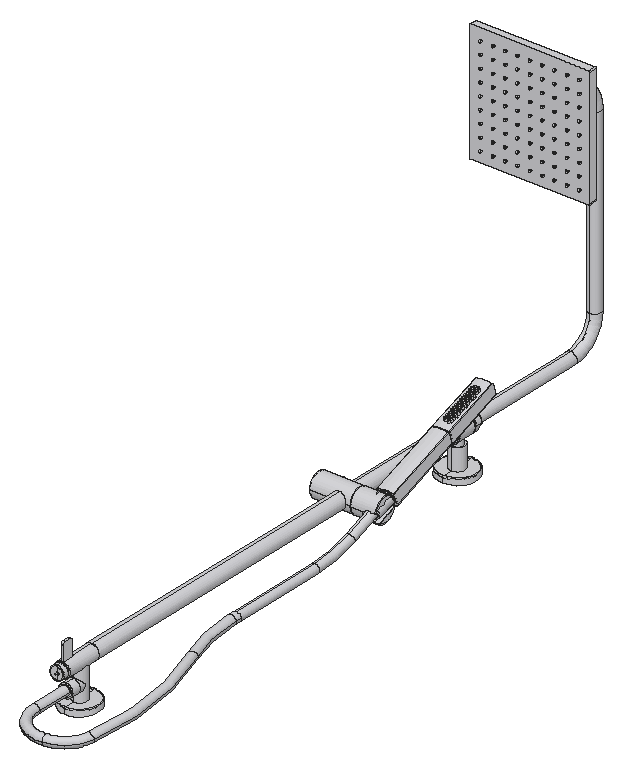
Revit family "Shower-Shower_Column_Kit-KOHLER-ANGULAR-K-76633T_1", category Plumbing Fixtures, host Face, Revit 2017 (continued)
Definition of nested family "K-76633T"
  Automatic sketch dimensions
    level to curve 499 = 5.85945"
    curve 499 to curve 498 = 0.11099"
    level to curve 498 = 5.89984"
    curve 498 to curve 497 = 0.07399"
    level to curve 497 = 5.92677"
    curve 497 to curve 496 = 0.11099"
    level to curve 496 = 5.96717"
    curve 496 to curve 495 = 0.07399"
    level to curve 495 = 5.9941"
    level to curve 470 = 0.36296"
    curve 470 to curve 557 = 0.91578"
    curve 495 to curve 494 = 0.11099"
    level to curve 494 = 6.0345"
    curve 494 to curve 493 = 0.07399"
    level to curve 493 = 6.06143"
    curve 493 to curve 492 = 0.11099"
    level to curve 492 = 6.10182"
    curve 492 to curve 472 = 0.0968"
    curve 469 to curve 557 = 0.37411"
    plane 1 "Center (Front/Back)" to curve 464 = 0.62008"
    curve 534 to curve 488 = 0.05263"
    curve 464 to curve 467 = 0.12795"
    curve 534 to curve 533 = 0.03473"  (x2)
    plane 1 "Center (Front/Back)" to curve 468 = 0.31487"
    curve 488 to curve 488 = 39/256"
    curve 490 to curve 534 = 0.0119"
    plane 1 "Center (Front/Back)" to curve 490 = 0.04012"
    curve 468 to plane 1 "Center (Front/Back)" = 0.31487"
    curve 468 to curve 467 = 0.17726"
    curve 469 to plane 1 "Center (Front/Back)" = 0.49213"
    curve 468 to curve 466 = 0.30521"
    curve 475 to curve 473 = 0.02231"
    curve 477 to curve 477 = 0.02231"
    curve 466 to curve 465 = 0.06315"
    curve 473 to curve 475 = 0.03156"
    curve 477 to curve 477 = 0.03156"
    curve 474 to curve 474 = 0.03085"
    curve 476 to curve 476 = 0.03085"
    curve 474 to curve 474 = 0.05192"
    curve 478 to curve 476 = 0.02227"
    curve 474 to curve 474 = 0.00168"
    curve 476 to curve 476 = 0.00049"
    curve 469 to curve 470 = 0.73852"
    plane 15 to curve 445 = 0.03937"
    curve 445 to curve 446 = 0.43307"
    plane 15 to curve 449 = 0.51181"
    curve 446 to curve 447 = 0.03937"
    curve 446 to curve 448 = 0.03937"
    curve 449 to curve 450 = 0.01969"
    curve 450 to curve 451 = 0.79921"
    curve 451 to curve 452 = 0.10498"
    curve 452 to curve 453 = 0.02789"
    curve 453 to curve 454 = 0.11126"
    curve 454 to curve 455 = 0.0296"
    curve 455 to curve 471 = 0.02778"
    curve 471 to curve 456 = 0.0296"
    plane 12 to curve 457 = 0.36417"
    curve 456 to curve 457 = 0.77913"
    curve 457 to curve 458 = 0.10868"
    plane 12 to curve 459 = 0.3937"
    curve 458 to curve 459 = 0.79724"
    plane 11 "1" to curve 462 = 0.3937"
    curve 462 to plane 8 = 1.9685"
    curve 460 to plane 8 = 0.3937"
    curve 461 to plane 8 = 0.3937"
    curve 520 to plane 18 "4" = 0.29528"
    curve 520 to curve 541 = 0"  (x2)
    curve 539 to plane 18 "4" = 0.29528"
    curve 542 to curve 541 = 0.14764"
    curve 543 to plane 18 "4" = 0.44291"
    curve 519 to curve 543 = 0.00984"
    curve 519 to curve 518 = 0"
    curve 561 to curve 518 = 0.01635"
    level to curve 528 = 0.3937"
    level to curve 469 = 0.3937"
    curve 540 to curve 528 = 0.023"
    plane 18 "4" to curve 541 = 0.29528"
    plane 18 "4" to curve 539 = 0.29528"
    plane 18 "4" to curve 467 = 0.41339"
    curve 541 to curve 542 = 0.14764"
    curve 543 to curve 561 = 0.03093"
    curve 543 to curve 519 = 0.00984"
    curve 518 to curve 561 = 0.02109"
    curve 467 to curve 468 = 0.27558"
    curve 468 to curve 466 = 0.09844"
    curve 466 to curve 465 = 0"  (x2)
    curve 468 to curve 464 = 0.1575"
    curve 561 to curve 547 = 0.37261"
    curve 524 to plane 11 "1" = 0.49213"
    curve 526 to plane 11 "1" = 0.49213"
    curve 546 to curve 547 = 0"  (x2)
    curve 524 to curve 523 = 0"
    curve 527 to curve 526 = 0"  (x2)
    curve 547 to curve 521 = 0"
    curve 523 to curve 522 = 0"  (x2)
    curve 521 to curve 560 = 0"
    curve 524 to curve 545 = 0.04921"
    curve 544 to curve 545 = 0"  (x2)
    curve 462 to plane 11 "1" = 0.3937"
    curve 463 to plane 11 "1" = 0.3937"
    curve 477 to curve 477 = 0.03826"
    curve 476 to curve 476 = 0.03842"
    curve 463 to curve 474 = 0.14098"
    curve 545 to curve 525 = 0.04287"
    curve 474 to curve 474 = 0.05009"
    curve 475 to curve 473 = 0.04391"
    plane 11 "1" to curve 527 = 0.49213"
    curve 525 to curve 522 = 0.00634"
    curve 525 to curve 546 = 0.00634"
    plane 11 "1" to curve 464 = 0.49213"
    curve 545 to curve 524 = 0.04921"
    curve 473 to curve 465 = 0.0165"
    curve 532 to curve 531 = 0.02911"
    curve 558 to curve 558 = 0.13532"
    plane 11 "1" to curve 461 = 1.9685"
    curve 538 to curve 537 = 0.01847"
    curve 537 to curve 535 = 0.02724"
    curve 534 to curve 490 = 0.08381"
    curve 534 to curve 533 = 0.01264"  (x2)
    curve 490 to curve 490 = 0.05788"
    curve 488 to curve 488 = 0.05545"
    curve 488 to curve 534 = 0.07267"
    curve 444 to plane 14 = 0.07874"
    curve 447 to plane 14 = 0.34669"
    curve 460 to plane 12 = 1.9685"
    curve 449 to plane 12 = 0.8215"
    curve 449 to curve 450 = 0.07347"
    curve 451 to plane 12 = 0.43767"
    curve 451 to curve 456 = 0.0046"
    curve 471 to curve 456 = 0"  (x2)
    curve 459 to plane 12 = 0.3937"
    curve 471 to curve 455 = 0.05767"
    curve 451 to curve 452 = 0.07141"
    curve 458 to plane 12 = 0.36417"
    curve 457 to curve 458 = 0"  (x2)
    curve 455 to curve 454 = 0.02072"
    curve 452 to curve 453 = 0.01158"
    plane 12 to curve 453 = 0.35468"
    curve 453 to curve 454 = 0"
    curve 453 to curve 452 = 0.01158"
    curve 454 to curve 455 = 0.02072"
    curve 455 to curve 471 = 0.05767"
    curve 452 to curve 451 = 0.07141"
    plane 12 to curve 450 = 0.74803"
    curve 450 to curve 449 = 0.07347"
    curve 444 to plane 13 = 0.67026"
    curve 448 to plane 13 = 0.27873"
    Revolve 104 sketch curve to level = 0"  (x2)
    Revolve 104 sketch curve to plane 6 = 0"  (x2)
    Revolve 104 sketch curve to plane 6 = 0.46046"
    plane 25 to Revolve 104 sketch curve = 0.00015"
    level to Revolve 104 sketch curve = 0.3937"
    Revolve 104 sketch curve to plane 11 "1" = 0.01719"
    Revolve 104 sketch curve to Revolve 104 sketch curve = 0.10092"
    Revolve 105 sketch curve to plane 18 "4" = 0"  (x2)
    Revolve 105 sketch curve to plane 25 = 0.06693"
    Revolve 105 sketch curve to plane 6 = 0.04106"
    plane 18 "4" to Revolve 105 sketch curve = 0.4526"
    Revolve 105 sketch curve to Revolve 105 sketch curve = 0.02948"
    Revolve 105 sketch curve to plane 24 = 0.57491"
    Revolve 106 sketch curve to plane 11 "1" = 0"  (x2)
    Revolve 106 sketch curve to plane 19 = 0.00025"
    plane 25 to Revolve 106 sketch curve = 0.26575"
    Revolve 106 sketch curve to plane 25 = 0.54579"
    Revolve 106 sketch curve to Revolve 106 sketch curve = 0.0389"
    plane 24 to Revolve 106 sketch curve = 29.00591"
    plane 1 "Center (Front/Back)" to Revolve 106 sketch curve = 8.77328"
    Revolve 106 sketch curve to plane 1 "Center (Front/Back)" = 1.15157"
    plane 11 "1" to Revolve 106 sketch curve = 0.44387"
    plane 11 "1" to Revolve 106 sketch curve = 0.45954"
    Revolve 106 sketch curve to Revolve 106 sketch curve = 0.04918"
    Revolve 106 sketch curve to Revolve 106 sketch curve = 0.49306"
    Revolve 106 sketch curve to Revolve 106 sketch curve = 0.64529"
    Revolve 106 sketch curve to Revolve 106 sketch curve = 21.15782"
    plane 21 to Revolve 106 sketch curve = 0.44882"
    Revolve 107 sketch curve to level = 0"  (x2)
    Revolve 107 sketch curve to plane 1 "Center (Front/Back)" = 0"  (x2)
    Revolve 107 sketch curve to plane 1 "Center (Front/Back)" = 0.49213"
    Revolve 107 sketch curve to Revolve 107 sketch curve = 0.74727"
    Revolve 107 sketch curve to Revolve 107 sketch curve = 0.3937"
    plane 11 "1" to Revolve 107 sketch curve = 0.01048"
    plane 18 "4" to Revolve 107 sketch curve = 0.62992"
    Extrusion 108 sketch curve to Extrusion 108 sketch curve = 0"  (x2)
    Extrusion 108 sketch curve to plane 11 "1" = 0"
    Extrusion 108 sketch curve to plane 21 = 0"
    Extrusion 108 sketch curve to plane 10 = 0"
    Extrusion 109 sketch curve to plane 4 = 0"
    Extrusion 109 sketch curve to plane 5 = 0"
    Extrusion 109 sketch curve to plane 15 = 0"
    Extrusion 109 sketch curve to Extrusion 109 sketch curve = 0.51181"
    Revolve 110 sketch curve to plane 12 = 0"  (x2)
    plane 15 to Revolve 110 sketch curve = 0.51181"
    plane 12 to Revolve 110 sketch curve = 0.48716"
    Revolve 110 sketch curve to Revolve 110 sketch curve = 0.74803"
    Revolve 110 sketch curve to Revolve 110 sketch curve = 0.06816"
    Revolve 110 sketch curve to Revolve 110 sketch curve = 7/64"
    Revolve 110 sketch curve to Revolve 110 sketch curve = 0.30025"
    Revolve 110 sketch curve to Revolve 110 sketch curve = 1.22232"
    plane 29 to Extrusion 111 sketch curve = 0"  (x2)
    Extrusion 111 sketch curve to plane 17 "Hs 1" = 0"  (x2)
    plane 28 to Extrusion 111 sketch curve = 0"
    Extrusion 111 sketch curve to plane 20 = 0.17122"
    plane 20 to Extrusion 111 sketch curve = 0.15372"
    Extrusion 111 sketch curve to Extrusion 111 sketch curve = 0.23477"
    plane 11 "1" to Extrusion 111 sketch curve = 1.57409"
    Extrusion 111 sketch curve to Extrusion 111 sketch curve = 0.66655"
    plane 11 "1" to Extrusion 111 sketch curve = 2.36744"
    plane 11 "1" to Extrusion 111 sketch curve = 1.47466"
    Extrusion 111 sketch curve to Extrusion 111 sketch curve = 0.05074"
    plane 25 to Extrusion 113 sketch curve = 0.14764"
    Extrusion 113 sketch curve to plane 25 = 0.48228"
    plane 11 "1" to Extrusion 113 sketch curve = 0.26916"
    Extrusion 113 sketch curve to Extrusion 113 sketch curve = 1.31899"
    plane 16 "3" to Revolve 112 sketch curve = 0"  (x3)
    plane 29 to Revolve 112 sketch curve = 0"  (x2)
    Revolve 112 sketch curve to plane 20 = 0.15844"
    Revolve 112 sketch curve to plane 11 "1" = 0.15866"
    plane 11 "1" to Revolve 112 sketch curve = 0.18426"
    plane 20 to Revolve 112 sketch curve = 0.08992"
    Revolve 112 sketch curve to plane 11 "1" = 0.15197"
    Extrusion 114 sketch curve to plane 3 "Center (Left/Right)" = 0"
    Extrusion 114 sketch curve to plane 11 "1" = 0"
    curve 550 to curve 483 = 0.01948"
    plane 29 to curve 531 = 0"  (x2)
    curve 530 to curve 532 = 0.0209"
    curve 552 to curve 483 = 0.06284"
    curve 480 to curve 555 = 0.03181"
    curve 529 to curve 551 = 0.02384"
    curve 482 to curve 532 = 0.08313"
    curve 551 to curve 551 = 0.0435"
    curve 482 to curve 554 = 0.01835"
    curve 551 to curve 529 = 0.01835"
    curve 554 to curve 554 = 0.05122"
    curve 481 to curve 556 = 0.03179"
    curve 482 to plane 11 "1" = 0"
    curve 553 to curve 531 = 0.02537"
    radius of Sweep 11 sketch curve = 0.3937"
    radius of Extrusion 19 sketch curve = 0.07087"
    radius of Extrusion 20 sketch curve = 0.07087"
    radius of Extrusion 21 sketch curve = 0.07087"
    radius of Extrusion 22 sketch curve = 0.07087"
    radius of Extrusion 23 sketch curve = 0.07087"
    radius of Extrusion 24 sketch curve = 0.07087"
    radius of Extrusion 25 sketch curve = 0.07087"
    radius of Extrusion 26 sketch curve = 0.07087"
    radius of Extrusion 27 sketch curve = 0.07087"
    radius of Extrusion 28 sketch curve = 0.07087"
    radius of Extrusion 29 sketch curve = 0.07087"
    radius of Extrusion 30 sketch curve = 0.07087"
    radius of Extrusion 31 sketch curve = 0.07087"
    radius of Extrusion 32 sketch curve = 0.07087"
    radius of Extrusion 33 sketch curve = 0.07087"
    radius of Extrusion 34 sketch curve = 0.07087"
    radius of Extrusion 35 sketch curve = 0.07087"
    radius of Extrusion 36 sketch curve = 0.07087"
    radius of Extrusion 37 sketch curve = 0.07087"
    radius of Extrusion 38 sketch curve = 0.07087"
    radius of Extrusion 39 sketch curve = 0.07087"
    radius of Extrusion 40 sketch curve = 0.07087"
    radius of Extrusion 41 sketch curve = 0.07087"
    radius of Extrusion 42 sketch curve = 0.07087"
    radius of Extrusion 43 sketch curve = 0.07087"
    radius of Extrusion 44 sketch curve = 0.07087"
    radius of Extrusion 45 sketch curve = 0.07087"
    radius of Extrusion 46 sketch curve = 0.07087"
    radius of Extrusion 47 sketch curve = 0.07087"
    radius of Extrusion 48 sketch curve = 0.07087"
    radius of Extrusion 49 sketch curve = 0.07087"
    radius of Extrusion 50 sketch curve = 0.07087"
    radius of Extrusion 51 sketch curve = 0.07087"
    radius of Extrusion 52 sketch curve = 0.07087"
    radius of Extrusion 53 sketch curve = 0.07087"
    radius of Extrusion 54 sketch curve = 0.07087"
    radius of Extrusion 55 sketch curve = 0.07087"
    radius of Extrusion 56 sketch curve = 0.07087"
    radius of Extrusion 57 sketch curve = 0.07087"
    radius of Extrusion 58 sketch curve = 0.07087"
    radius of Extrusion 59 sketch curve = 0.07087"
    radius of Extrusion 60 sketch curve = 0.07087"
    radius of Extrusion 61 sketch curve = 0.07087"
    radius of Extrusion 62 sketch curve = 0.07087"
    radius of Extrusion 63 sketch curve = 0.07087"
    radius of Extrusion 64 sketch curve = 0.07087"
    radius of Extrusion 65 sketch curve = 0.07087"
    radius of Extrusion 66 sketch curve = 0.07087"
    radius of Extrusion 67 sketch curve = 0.07087"
    radius of Extrusion 68 sketch curve = 0.07087"
    radius of Extrusion 69 sketch curve = 0.07087"
    radius of Extrusion 70 sketch curve = 0.07087"
    radius of Extrusion 71 sketch curve = 0.07087"
    radius of Extrusion 72 sketch curve = 0.07087"
    radius of Extrusion 73 sketch curve = 0.07087"
    radius of Extrusion 74 sketch curve = 0.07087"
    radius of Extrusion 75 sketch curve = 0.07087"
    radius of Extrusion 76 sketch curve = 0.07087"
    radius of Extrusion 77 sketch curve = 0.07087"
    radius of Extrusion 78 sketch curve = 0.07087"
    radius of Extrusion 79 sketch curve = 0.07087"
    radius of Extrusion 80 sketch curve = 0.07087"
    radius of Extrusion 81 sketch curve = 0.07087"
    radius of Extrusion 82 sketch curve = 0.07087"
    radius of Extrusion 83 sketch curve = 0.07087"
    radius of Extrusion 84 sketch curve = 0.07087"
    radius of Extrusion 85 sketch curve = 0.07087"
    radius of Extrusion 86 sketch curve = 0.07087"
    radius of Extrusion 87 sketch curve = 0.07087"
    radius of Extrusion 88 sketch curve = 0.07087"
    radius of Extrusion 89 sketch curve = 0.07087"
    radius of Extrusion 90 sketch curve = 0.07087"
    radius of Extrusion 91 sketch curve = 0.07087"
    radius of Extrusion 92 sketch curve = 0.07087"
    radius of Extrusion 93 sketch curve = 0.07087"
    radius of Extrusion 94 sketch curve = 0.07087"
    radius of Extrusion 95 sketch curve = 0.07087"
    radius of Extrusion 96 sketch curve = 0.07087"
    radius of Extrusion 97 sketch curve = 0.07087"
    radius of Extrusion 98 sketch curve = 0.07087"
    radius of Extrusion 99 sketch curve = 0.07087"
    radius of Extrusion 100 sketch curve = 0.05906"  (x67)
    radius of Sweep 101 sketch curve = 0.29528"
    radius of Sweep 102 sketch curve = 0.29528"
    radius of curve 282 = 0.0315"
    radius of curve 283 = 0.0315"
    radius of curve 284 = 0.0315"
    radius of curve 285 = 0.0315"
    radius of curve 286 = 0.0315"
    radius of curve 287 = 0.0315"
    radius of curve 288 = 0.0315"
    radius of curve 289 = 0.0315"
    radius of curve 290 = 0.0315"
    radius of curve 291 = 0.0315"
    radius of curve 292 = 0.0315"
    radius of curve 293 = 0.0315"
    radius of curve 294 = 0.0315"
    radius of curve 295 = 0.0315"
    radius of curve 296 = 0.0315"
    radius of curve 297 = 0.0315"
    radius of curve 298 = 0.0315"
    radius of curve 299 = 0.0315"
    radius of curve 300 = 0.0315"
    radius of curve 301 = 0.0315"
    radius of curve 302 = 0.0315"
    radius of curve 303 = 0.0315"
    radius of curve 304 = 0.0315"
    radius of curve 305 = 0.0315"
    radius of curve 306 = 0.0315"
    radius of curve 307 = 0.0315"
    radius of curve 308 = 0.0315"
    radius of curve 309 = 0.0315"
    radius of curve 310 = 0.0315"
    radius of curve 311 = 0.0315"
    radius of curve 312 = 0.0315"
    radius of curve 313 = 0.0315"
    radius of curve 314 = 0.0315"
    radius of curve 315 = 0.0315"
    radius of curve 316 = 0.0315"
    radius of curve 317 = 0.0315"
    radius of curve 318 = 0.0315"
    radius of curve 319 = 0.0315"
    radius of curve 320 = 0.0315"
    radius of curve 321 = 0.0315"
    radius of curve 322 = 0.0315"
    radius of curve 323 = 0.0315"
    radius of curve 324 = 0.0315"
    radius of curve 325 = 0.0315"
    radius of curve 326 = 0.0315"
    radius of curve 327 = 0.0315"
    radius of curve 328 = 0.0315"
    radius of curve 329 = 0.0315"
    radius of curve 330 = 0.0315"
    radius of curve 331 = 0.0315"
    radius of curve 332 = 0.0315"
    radius of curve 333 = 0.0315"
    radius of curve 334 = 0.0315"
    radius of curve 335 = 0.0315"
    radius of curve 336 = 0.0315"
    radius of curve 337 = 0.0315"
    radius of curve 338 = 0.0315"
    radius of curve 339 = 0.0315"
    radius of curve 340 = 0.0315"
    radius of curve 341 = 0.0315"
    radius of curve 342 = 0.0315"
    radius of curve 343 = 0.0315"
    radius of curve 344 = 0.0315"
    radius of curve 345 = 0.0315"
    radius of curve 346 = 0.0315"
    radius of curve 347 = 0.0315"
    radius of curve 348 = 0.0315"
    radius of curve 432 = 0.25196"
    radius of curve 484 = 0.75914"
    radius of curve 557 = 0.03937"
    radius of Extrusion 114 sketch curve = 0.11811"
